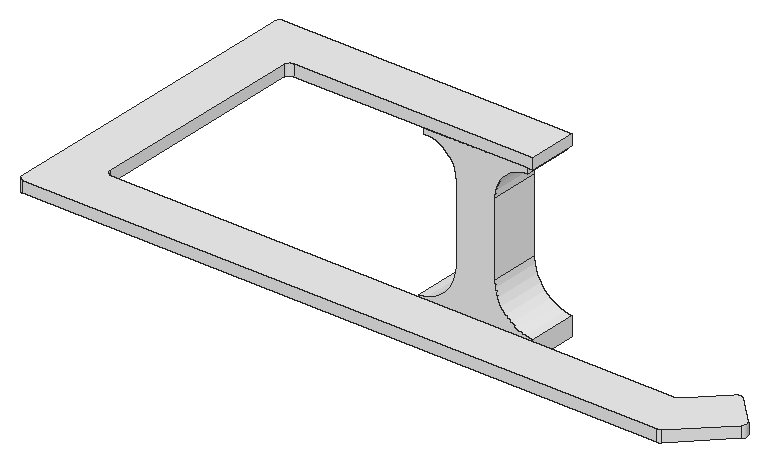
Revit family "Towel Ring-Wall-Dorf Jovian", category Specialty Equipment, host Face, Revit 2013
Parameters (values of type "Standard")
  URL = "http://www.dorf.com.au/"
  Type Comments = "Dorf Jovian Towel Ring"  # constant formula
  ModifiedIssue_ANZRS = 2013.1  # constant formula
  Model = "3403.04"  # constant formula
  Material_ANZRS = Metal-Chrome-Caroma
  Manufacturer = "GWA Bathrooms & Kitchens"  # constant formula
  Length_ANZRS = 253.5 mm  # constant formula
  Description = ""
  Default Elevation = 900 mm
  CreatedBy_ANZRS = "Design Content"  # constant formula
  CreatedByURL_ANZRS = "www.designcontent.com.au"
  Cost = 0
  Assembly Code = "C1030200"
Reference planes
  plane 1 "Center (Elevation)": y = 0
  plane 2 "Back": z = 0
  plane 3 "Center (Left/Right)": x = 0
  plane 4 "Top": y = 9
  plane 5 "Bottom": y = -111
  plane 6 "Left": x = -87
  plane 7 "Right": x = 166.488
  plane 8 "Front": z = 67
Forms (mm)
  Extrusion 1, solid, material "Metal-Chrome-Caroma" <- "Material_ANZRS"
    sketch origin (0, 0, 0) x (1, 0, 0) y (0, 0, 1)
      loop
        line (-21, 0) -> (21, 0) -> (21, 7)
        arc (21, 7) -> (11.044, 11.741) -> (7, 22) r 15.036
        line (7, 22) -> (7, 49)
        arc (7, 49) -> (10.515, 57.485) -> (19, 61) r 12
        line (19, 61) -> (19, 63) -> (-19, 63) -> (-19, 61)
        arc (-19, 61) -> (-10.515, 57.485) -> (-7, 49) r 12
        line (-7, 49) -> (-7, 22)
        arc (-7, 22) -> (-11.044, 11.741) -> (-21, 7) r 15.036
        line (-21, 7) -> (-21, 0)
    from -9 to 9
  Extrusion 2, solid, material "Metal-Chrome-Caroma" <- "Material_ANZRS"
    sketch origin (0, 0, 0) x (1, 0, 0) y (0, 1, 0)
      loop
        line (-87, 7) -> (-87, -109)
        arc (-87, -109) -> (-86.414, -110.414) -> (-85, -111) r 2
        line (-85, -111) -> (148.172, -111)
        arc (148.172, -111) -> (148.937, -110.848) -> (149.586, -110.414) r 2
        line (149.586, -110.414) -> (165.971, -94.029)
        arc (165.971, -94.029) -> (166.556, -92.615) -> (165.971, -91.201) r 2
        line (165.971, -91.201) -> (156.071, -81.302)
        arc (156.071, -81.302) -> (154.657, -80.716) -> (153.243, -81.302) r 2
        line (153.243, -81.302) -> (142.13, -92.414)
        arc (142.13, -92.414) -> (141.481, -92.848) -> (140.716, -93) r 2
        line (140.716, -93) -> (-67, -93)
        arc (-67, -93) -> (-68.414, -92.414) -> (-69, -91) r 2
        line (-69, -91) -> (-69, -11)
        arc (-69, -11) -> (-68.414, -9.586) -> (-67, -9) r 2
        line (-67, -9) -> (21, -9) -> (21, 9) -> (-85, 9)
        arc (-85, 9) -> (-86.414, 8.414) -> (-87, 7) r 2
    from 62.9 to 67
Dimensions and locks
  aligned and locked: plane 2 "Back" to host face
  aligned and locked: level to host face
